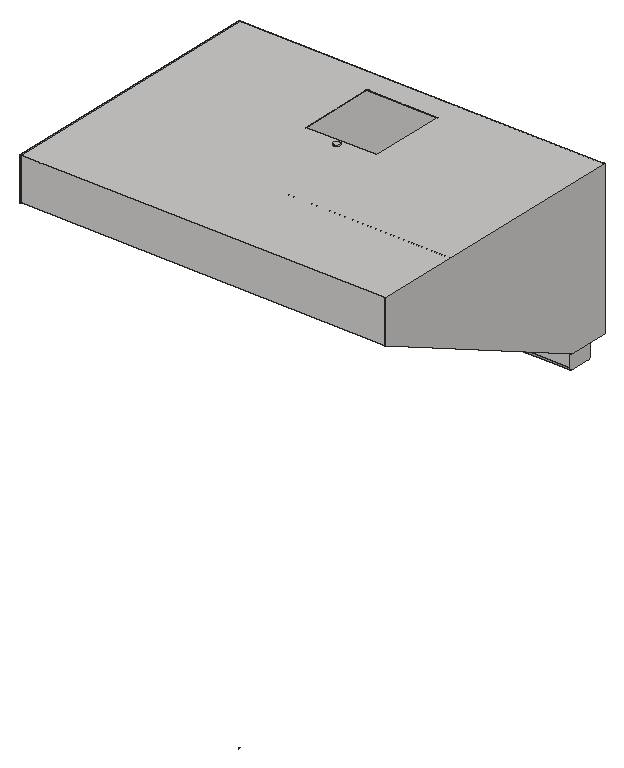
Revit family "QF_ELECTROLUXPROFESSIONAL_644183_AMPV912BT", category Attrezzature speciali, Revit 2021
Family settings
  Quota connettore circolare = Usa diametro
  Tipo di parte = Normale
  Basato su piano di lavoro = No
  Sempre verticale = Sì
  Taglio con vuoti quando caricato = No
  Condiviso = No
  Punto di calcolo locali = No
Parameters (values of type "Standard")
  Weight = 39.00 kg
  Watts = 300 W
  Volts = 220 V
  URL Manufacturer = "https://www.electroluxprofessional.com/"
  URL = "https://www.electroluxprofessional.com/"
  Steam Supply Size = 0 mm
  Steam Supply Minimum Pressure = 0.0 Pa
  Steam Supply Maximum Pressure = 0.0 Pa
  Steam Consumption per Hour = 0
  Refrigeration Suction Line Size = 0 mm
  Refrigeration Liquid Line Size = 0 mm
  Refrigerant Compressor Remote = yes
  Prospetto di default = 0 mm
  Produttore = "Electrolux Professional"
  Phase = 1
  Modello = "AMPV912BT"
  Length Actual = 1200 mm  # constant formula
  Item Number = "644183"
  Hot Water Size = 0 mm
  Height Actual = 500 mm  # constant formula
  HP = "0.4 HP"
  Gas Size = 0 mm
  Gas KW = 0
  Gas Input Pressure = 0 W
  Direct Waste Size = 0 mm
  Descrizione = "430 S/S WALL HOOD+FILTERS+FAN 1200X900MM"
  Depth Actual = 900 mm  # constant formula
  Cycle = 50 Hz
  Condensate Return Size = 0 mm
  Compressed Air Volume = 0.0 L/s
  Compressed Air Size = 0 mm
  Compressed Air Pressure = 0.0 Pa
  Cold Water Size = 0 mm
  Accessory = yes
Reference planes
  plane 1: z = 0
  plane 2 "Center (Left/Right)": x = 150
  plane 3 "LEFT": x = -450
  plane 4 "RIGHT": x = 750
  plane 5 "BACK": y = 550
  plane 6 "Plane": z = 2000
  plane 7 "TOP": z = 2140
  plane 8 "Base": z = 1640
  plane 9: z = 1566
  plane 10 "DrainY": y = 485
  plane 11: x = -447
  plane 12: through (0, 414.509, 1640.8) normal (0, 0.7314, 0.682)
  plane 13: y = 470
  plane 14: y = 220
  plane 15 "DrainX": x = 630
  plane 16: x = 33.5
  plane 17: x = 266.5
  plane 18: x = 747
  plane 19: x = 540
  plane 20: x = 720
  plane 21: x = -410
  plane 22: x = 710
  plane 23: x = -47.5
  plane 24: x = 347.5
  plane 25 "FRONT": y = -350
  plane 26 "Center (Front/Back)": y = 100
  plane 27: y = 200
Forms (mm)
  Extrusion 1, solid, material "QF_Finishes_Stainless Steel"
    sketch origin (-450, 0, 0) x (0, 1, 0) y (0, 0, 1)
      loop
        line (550, 1640) -> (550, 2140) -> (-350, 2140) -> (-350, 1998.736) -> (413.973, 1640) -> (550, 1640)
    from 0 to 3
  Extrusion 2, solid, material "QF_Finishes_Stainless Steel"
    sketch origin (150, 0, 0) x (0, 1, 0) y (0, 0, 1)
      loop
        line (415.255, 1640) -> (550, 1640) -> (550, 2139.19) -> (549.2, 2139.19) -> (549.2, 1640.8) -> (415.876, 1640.8) -> (339.347, 1722.867) -> (349.609, 1732.436) -> (348.927, 1733.167) -> (337.934, 1722.917) -> (415.255, 1640)
      loop
        line (-82.203, 2139.19) -> (-82.203, 2118.6) -> (-31.047, 2118.6) -> (34.354, 2048.466) -> (46.028, 2059.352) -> (45.346, 2060.083) -> (34.403, 2049.879) -> (-30.612, 2119.6) -> (-81.203, 2119.6) -> (-81.203, 2139.19) -> (-82.203, 2139.19)
    from -597 to 597
  Extrusion 3, solid, material "QF_Finishes_Stainless Steel"
    sketch origin (750, 0, 0) x (0, 1, 0) y (0, 0, 1)
      loop
        line (550, 1640) -> (550, 2140) -> (-350, 2140) -> (-350, 1998.736) -> (413.973, 1640) -> (550, 1640)
    from 0 to -3
  Extrusion 4, solid, material "QF_Finishes_Stainless Steel"
    sketch origin (150, 0, 0) x (0, 1, 0) y (0, 0, 1)
      loop
        line (-350, 2140) -> (-350, 2000) -> (-349.2, 2000) -> (-349.2, 2139.19) -> (550, 2139.19) -> (550, 2140) -> (-350, 2140)
    from -600 to 600
  Extrusion 5, solid, material "QF_Finishes_Stainless Steel"
    sketch origin (150, 0, 0) x (0, 1, 0) y (0, 0, 1)
      loop
        line (534, 1640) -> (436, 1640) -> (436, 1627) -> (443.5, 1627) -> (443.5, 1576)
        arc (443.5, 1576) -> (446.429, 1568.929) -> (453.5, 1566) r 10
        line (453.5, 1566) -> (516.5, 1566)
        arc (516.5, 1566) -> (523.571, 1568.929) -> (526.5, 1576) r 10
        line (526.5, 1576) -> (526.5, 1627) -> (534, 1627) -> (534, 1640)
    from 390 to 570
  Extrusion 6, solid, material "QF_Finishes_Stainless Steel"
    sketch origin (0, 0, 1640) x (0, 1, 0) y (-1, 0, 0)
      loop
        circle (485, -630) r 20
    from -76 to -74
  Extrusion 7, solid, material "QF_Finished_Chrome"
    sketch origin (150, 0, 0) x (0, 1, 0) y (0, 0, 1)
      loop
        line (337.934, 1722.917) -> (341.591, 1726.327) -> (38.011, 2051.876) -> (34.354, 2048.466) -> (337.934, 1722.917)
    from -197.5 to -560
  Extrusion 8, solid, material "QF_Finishes_Stainless Steel"
    sketch origin (150, 0, 0) x (0, 1, 0) y (0, 0, 1)
      loop
        line (337.934, 1722.917) -> (341.591, 1726.327) -> (38.011, 2051.876) -> (34.354, 2048.466) -> (337.934, 1722.917)
    from 597 to 560
  Extrusion 9, solid, material "QF_Finished_Chrome"
    sketch origin (150, 0, 0) x (0, 1, 0) y (0, 0, 1)
      loop
        line (341.588, 1726.324) -> (38.009, 2051.874) -> (34.354, 2048.466) -> (337.934, 1722.917) -> (341.588, 1726.324)
    from 197.5 to 560
  Extrusion 10, void
    sketch origin (0, 0, 2140) x (0, 1, 0) y (-1, 0, 0)
      loop
        line (470, -266.5) -> (470, -33.5) -> (220, -33.5) -> (220, -266.5) -> (470, -266.5)
    from 0 to -10
  Extrusion 11, solid, material "QF_Finishes_Stainless Steel"
    sketch origin (0, 0, 0) x (1, 0, 0) y (0, 1, 0)
      loop
        line (-450, 550) -> (-450, 549) -> (-449, 549) -> (-449, 550) -> (-450, 550)
    from 0 to 1
  Extrusion 12, solid, material "QF_Finishes_Stainless Steel"
    sketch origin (150, 0, 0) x (0, 1, 0) y (0, 0, 1)
      loop
        line (337.934, 1722.917) -> (341.591, 1726.327) -> (38.011, 2051.876) -> (34.354, 2048.466) -> (337.934, 1722.917)
    from -560 to -597
  Extrusion 13, solid, material "QF_Finishes_Stainless Steel"
    sketch origin (150, 0, 0) x (0, 1, 0) y (0, 0, 1)
      loop
        line (337.934, 1722.917) -> (341.591, 1726.327) -> (38.011, 2051.876) -> (34.354, 2048.466) -> (337.934, 1722.917)
    from 197.5 to -197.5
  Extrusion 14, solid, material "QF_Finishes_Stainless Steel"
    sketch origin (0, 0, 2140) x (0, 1, 0) y (-1, 0, 0)
      loop
        circle (200, -150) r 10
    from 0 to 1.6
Cuts and joins
  Extrusion 10 cuts Extrusion 4
  joined: Extrusion 2, Extrusion 4
Lines and regions (mm)
  reference lines
    curve 1: line (150, 34.354, 2048.466) -> (150, 34.354, 1888.466)
  symbolic lines, style "SpecialityEquipment", detail levels coarse
    curve 2: line (750, 550, 2140) -> (-450, 550, 2140)
    curve 3: line (-450, 550, 2140) -> (-450, -350, 2140)
    curve 4: line (750, -350, 2140) -> (750, 550, 2140)
    curve 5: line (-450, -350, 2140) -> (750, -350, 2140)
    curve 6: line (266.5, 220, 2140) -> (33.5, 220, 2140)
    curve 7: line (266.5, 470, 2140) -> (266.5, 220, 2140)
    curve 8: line (33.5, 470, 2140) -> (266.5, 470, 2140)
    curve 9: line (33.5, 220, 2140) -> (33.5, 470, 2140)
    curve 10: line (-450, 550, 0) -> (750, -350, 0)
    curve 11: line (750, 550, 0) -> (-450, -350, 0)
Dimensions and locks
  plane 3 "LEFT" to plane 4 "RIGHT" = 1200 mm
  equal spacing: plane 3 "LEFT", plane 2 "Center (Left/Right)", plane 4 "RIGHT"
  locked: plane 6 "Plane" to level at 2000
  plane 7 "TOP" to plane 6 "Plane" = 140 mm
  locked: plane 7 "TOP" to plane 8 "Base" at 500
  plane 8 "Base" to plane 9 = 74 mm
  plane 5 "BACK" to plane 10 "DrainY" = 65 mm  (x2)
  plane 3 "LEFT" to plane 11 = 3 mm
  plane 5 "BACK" to plane 13 = 80 mm
  plane 13 to plane 14 = 250 mm  (x2)
  plane 15 "DrainX" to plane 4 "RIGHT" = 120 mm
  plane 18 to plane 4 "RIGHT" = 3 mm
  locked: plane 19 to plane 15 "DrainX" at 90
  locked: plane 15 "DrainX" to plane 20 at 90
  plane 13 to plane 5 "BACK" = 80 mm
  locked: plane 3 "LEFT" to plane 21 at 40
  locked: plane 22 to plane 4 "RIGHT" at 40
  locked: plane 23 to plane 24 at 395
  equal spacing: plane 23, plane 2 "Center (Left/Right)", plane 24
  locked: plane 16 to plane 17 at 233
  equal spacing: plane 16, plane 2 "Center (Left/Right)", plane 17
  plane 5 "BACK" to plane 25 "FRONT" = 900 mm  (x2)
  equal spacing: plane 5 "BACK", plane 26 "Center (Front/Back)", plane 25 "FRONT"
  plane 14 to plane 27 = 20 mm
  aligned and locked: level to plane 1
  aligned and locked: Extrusion 2 to Extrusion 1
  aligned and locked: Extrusion 2 to Extrusion 3
  aligned and locked: plane 4 "RIGHT" to Extrusion 4
  aligned and locked: Extrusion 4 to plane 3 "LEFT"
  aligned and locked: plane 18 to Extrusion 8
  aligned and locked: Extrusion 10 to plane 16
  aligned and locked: Extrusion 10 to plane 14
  aligned and locked: Extrusion 10 to plane 13
  aligned and locked: Extrusion 2 to Extrusion 4
  aligned and locked: plane 20 to Extrusion 5
  aligned and locked: Extrusion 5 to plane 19
  aligned and locked: Extrusion 8 to plane 22
  aligned and locked: Extrusion 9 to plane 22
  aligned and locked: Extrusion 7 to plane 21
  aligned and locked: Extrusion 12 to plane 11
  aligned and locked: plane 21 to Extrusion 12
  aligned and locked: Extrusion 3 to plane 18
  aligned and locked: Extrusion 10 to plane 17
  aligned and locked: plane 17 to curve 7
  aligned and locked: plane 24 to Extrusion 13
  aligned and locked: Extrusion 13 to plane 23
  aligned and locked: Extrusion 9 to plane 24
Automatic sketch dimensions
  curve 5 to plane 4 "RIGHT" = 0 mm
  curve 6 to plane 14 = 0 mm
  plane 13 to curve 8 = 0 mm
  curve 3 to plane 3 "LEFT" = 0 mm
  curve 3 to plane 5 "BACK" = 0 mm
  curve 6 to plane 16 = 0 mm
  Extrusion 2 sketch curve to plane 12 = 0 mm  (x3)
  Extrusion 2 sketch curve to plane 8 "Base" = 0 mm
  plane 12 to Extrusion 2 sketch curve = 0 mm
  Extrusion 2 sketch curve to plane 5 "BACK" = 0 mm
  Extrusion 2 sketch curve to Extrusion 2 sketch curve = 65.646 mm
  Extrusion 2 sketch curve to Extrusion 2 sketch curve = 0.682 mm  (x2)
  Extrusion 2 sketch curve to Extrusion 2 sketch curve = 10.261 mm
  plane 8 "Base" to Extrusion 2 sketch curve = 82.917 mm
  Extrusion 2 sketch curve to Extrusion 2 sketch curve = 10.942 mm
  Extrusion 2 sketch curve to Extrusion 2 sketch curve = 0.049 mm
  Extrusion 2 sketch curve to plane 7 "TOP" = 20.4 mm
  Extrusion 2 sketch curve to plane 7 "TOP" = 21.4 mm
  Extrusion 2 sketch curve to plane 7 "TOP" = 0.81 mm  (x2)
  Extrusion 2 sketch curve to Extrusion 2 sketch curve = 50.156 mm
  Extrusion 2 sketch curve to Extrusion 2 sketch curve = 1 mm
  plane 8 "Base" to Extrusion 2 sketch curve = 0.8 mm
  Extrusion 2 sketch curve to plane 5 "BACK" = 0.8 mm
  Extrusion 4 sketch curve to plane 6 "Plane" = 0 mm
  Extrusion 4 sketch curve to plane 5 "BACK" = 0 mm
  Extrusion 4 sketch curve to plane 7 "TOP" = 0 mm
  Extrusion 4 sketch curve to plane 7 "TOP" = 0.81 mm
  curve 1 to plane 12 = 0 mm
  curve 1 to plane 6 "Plane" = 111.534 mm
  Extrusion 5 sketch curve to plane 8 "Base" = 0 mm
  Extrusion 5 sketch curve to plane 9 = 0 mm
  Extrusion 5 sketch curve to plane 8 "Base" = 13 mm  (x2)
  plane 13 to Extrusion 5 sketch curve = 34 mm
  Extrusion 5 sketch curve to Extrusion 5 sketch curve = 7.5 mm  (x2)
  Extrusion 5 sketch curve to Extrusion 5 sketch curve = 10 mm
  plane 10 "DrainY" to Extrusion 5 sketch curve = 31.5 mm
  Extrusion 5 sketch curve to plane 5 "BACK" = 23.5 mm
  Extrusion 6 sketch curve to plane 10 "DrainY" = 0 mm
  Extrusion 6 sketch curve to plane 15 "DrainX" = 0 mm
  Extrusion 7 sketch curve to plane 12 = 0 mm  (x2)
  Extrusion 7 sketch curve to Extrusion 7 sketch curve = 3.657 mm
  plane 8 "Base" to Extrusion 7 sketch curve = 82.917 mm
  Extrusion 8 sketch curve to plane 12 = 0 mm  (x2)
  Extrusion 8 sketch curve to Extrusion 8 sketch curve = 3.657 mm
  plane 8 "Base" to Extrusion 8 sketch curve = 82.917 mm
  Extrusion 9 sketch curve to plane 12 = 0 mm  (x2)
  Extrusion 9 sketch curve to Extrusion 9 sketch curve = 3.655 mm
  plane 8 "Base" to Extrusion 9 sketch curve = 82.917 mm
  Extrusion 10 sketch curve to plane 14 = 0 mm
  plane 13 to Extrusion 10 sketch curve = 0 mm
  Extrusion 10 sketch curve to plane 17 = 0 mm
  Extrusion 10 sketch curve to plane 16 = 0 mm
  Extrusion 11 sketch curve to plane 3 "LEFT" = 0 mm
  Extrusion 11 sketch curve to plane 5 "BACK" = 0 mm
  plane 3 "LEFT" to Extrusion 11 sketch curve = 1 mm
  Extrusion 11 sketch curve to Extrusion 11 sketch curve = 1 mm
  Extrusion 12 sketch curve to plane 12 = 0 mm  (x2)
  Extrusion 12 sketch curve to Extrusion 12 sketch curve = 3.657 mm
  plane 8 "Base" to Extrusion 12 sketch curve = 82.917 mm
  Extrusion 13 sketch curve to plane 12 = 0 mm  (x2)
  Extrusion 13 sketch curve to Extrusion 13 sketch curve = 3.657 mm
  plane 8 "Base" to Extrusion 13 sketch curve = 82.917 mm
  Extrusion 4 sketch curve to Extrusion 4 sketch curve = 0.8 mm
  curve 5 to plane 14 = 570 mm
  plane 6 "Plane" to Extrusion 2 sketch curve = 48.466 mm
  Extrusion 4 sketch curve to plane 14 = 569.2 mm
  curve 1 to plane 14 = 185.646 mm
  plane 6 "Plane" to Extrusion 7 sketch curve = 51.876 mm
  plane 6 "Plane" to Extrusion 8 sketch curve = 51.876 mm
  plane 6 "Plane" to Extrusion 9 sketch curve = 51.874 mm
  plane 6 "Plane" to Extrusion 12 sketch curve = 51.876 mm
  plane 6 "Plane" to Extrusion 13 sketch curve = 51.876 mm
  Extrusion 3 sketch curve to plane 7 "TOP" = 0 mm
  Extrusion 3 sketch curve to plane 8 "Base" = 0 mm
  Extrusion 3 sketch curve to plane 5 "BACK" = 0 mm
  Extrusion 3 sketch curve to plane 25 "FRONT" = 0 mm
  plane 13 to Extrusion 3 sketch curve = 56.027 mm
  Extrusion 3 sketch curve to plane 6 "Plane" = 1.264 mm
  Extrusion 1 sketch curve to plane 7 "TOP" = 0 mm
  Extrusion 1 sketch curve to plane 8 "Base" = 0 mm
  Extrusion 1 sketch curve to plane 12 = 0.937 mm
  Extrusion 1 sketch curve to plane 5 "BACK" = 0 mm
  Extrusion 1 sketch curve to plane 25 "FRONT" = 0 mm
  Extrusion 1 sketch curve to plane 6 "Plane" = 1.264 mm
  curve 11 to plane 3 "LEFT" = 0 mm
  curve 10 to plane 3 "LEFT" = 0 mm
  curve 11 to plane 4 "RIGHT" = 0 mm
  curve 10 to plane 4 "RIGHT" = 0 mm
  curve 10 to plane 25 "FRONT" = 0 mm
  curve 11 to plane 25 "FRONT" = 0 mm
  curve 11 to plane 5 "BACK" = 0 mm
  curve 10 to plane 5 "BACK" = 0 mm
  Extrusion 14 sketch curve to plane 2 "Center (Left/Right)" = 0 mm
  Extrusion 14 sketch curve to plane 27 = 0 mm
  radius of Extrusion 6 sketch curve = 20 mm
  radius of Extrusion 14 sketch curve = 10 mm
Connectors
  piping at (630, 485, 1564), diameter 20
    settings: on Extrusion 6, index 1, connector inside diameter 609.6 mm, connector length 0 mm, flow factor 0, pipe flow 0.0 L/s, pressure drop 0.0 Pa, fitting loss kfactor 0, connector angle 0.00°, fixture units 0, engagement length 0 mm, angle of deflection 0.00°, flow configuration 1, flow direction 2, fitting loss method 0, system type 16, joint type 0, gender type 0, connector reference index -1, connector utility 0, adjustable connector no, is connector primary yes, connector description "Drain"
  hvac at (150, 345, 2140)
    settings: on Extrusion 10, index 2, duct flow 0.0 L/s, flow factor 0, pres drop 0.0 Pa, loss coef 0, conn angle 0.00°, conn width 250 mm, conn height 233 mm, conn diameter 609.6 mm, duct sys type 3, conn prof type 1, flow config 0, flow direction 2, loss method 0, conn ref index -1, conn util no, is conn primary yes, conn desc "EXHAUST OUTLET"
  electrical at (150, 200, 2141.6), driven by "Volts"
    settings: on Extrusion 14, index 3, voltage 220 V, apparent load 0 VA, apparent load phase1 0 VA, apparent load phase2 0 VA, apparent load phase3 0 VA, power factor 1, load classification "Other", number of poles 1, system type 30, power factor state 1, is connector primary yes, connector utility no, sub classification motor no, connector description "Electrical Connection"
